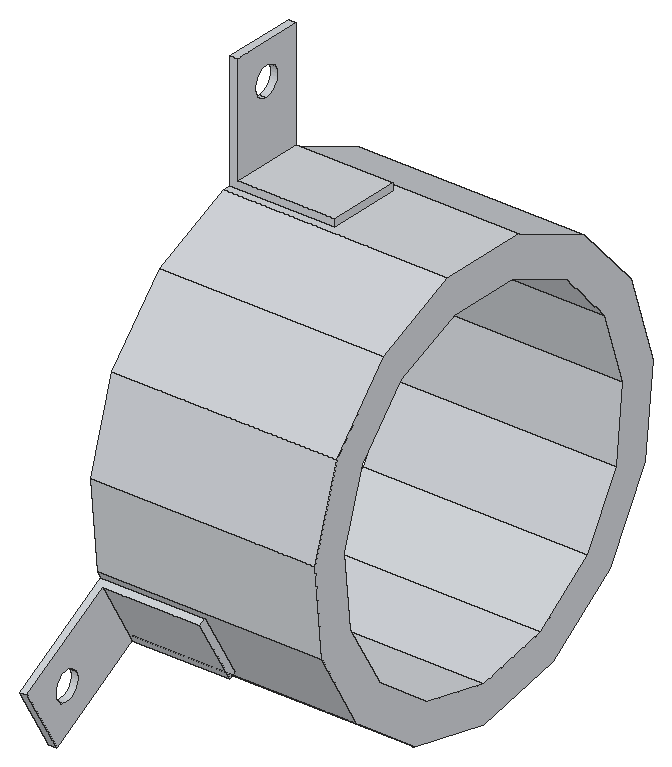
Revit family "65-80R", category Pipe Accessories, Revit 2019
Family settings
  Round Connector Dimension = Use Diameter
  Part Type = Breaks Into
  Work Plane-Based = No
  Always vertical = No
  Cut with Voids When Loaded = No
  Shared = No
Parameters
  URL = "https://www.snapcollars.com.au/"
  Model = "65-80R"
  Manufacturer = "Snap Fire Systems"
  Description = "The 65-80R is a metal, retro-fit fire collar for fire-rated plasterboard, concrete and masonry walls, and concrete floor slabs."
Reference planes
  plane 1 "Center (Front/Back)": y = 0
  plane 2: z = 0
  plane 3 "Center (Left/Right)": x = -139.129
  plane 4: x = -230
  plane 5: x = -188.636
  plane 6: x = -190
Forms (mm)
  Extrusion 1, solid, material "PVC-White", not visible, detail levels fine
    sketch origin (0, 0, 0) x (1, 0, 0) y (0, 0, 1)
      loop
        line (-80, 60.418) -> (-227.967, 86.048) -> (-227.967, 69.12) -> (-80, 60.418)
    from -1.5 to 1.5
  Extrusion 2, solid, material "PVC-White", not visible, detail levels fine
    sketch origin (0, 0, 0) x (1, 0, 0) y (0, -0.5, 0.866025)
      loop
        line (-80, 60.418) -> (-227.967, 86.048) -> (-227.967, 69.12) -> (-80, 60.418)
    from -1.5 to 1.5
  Extrusion 3, solid, material "PVC-White", not visible, detail levels fine
    sketch origin (0, 0, 0) x (1, 0, 0) y (0, -0.866025, 0.5)
      loop
        line (-80, 60.418) -> (-227.967, 86.048) -> (-227.967, 69.12) -> (-80, 60.418)
    from -1.5 to 1.5
  Extrusion 4, solid, material "PVC-White", not visible, detail levels fine
    sketch origin (0, 0, 0) x (0, -1, 0) y (-1, 0, 0)
      loop
        line (60.418, 80) -> (86.048, 227.967) -> (69.12, 227.967) -> (60.418, 80)
    from -1.5 to 1.5
  Extrusion 5, solid, material "PVC-White", not visible, detail levels fine
    sketch origin (0, 0, 0) x (1, 0, 0) y (0, -0.866025, -0.5)
      loop
        line (-80, 60.418) -> (-227.967, 86.048) -> (-227.967, 69.12) -> (-80, 60.418)
    from -1.5 to 1.5
  Extrusion 6, solid, material "PVC-White", not visible, detail levels fine
    sketch origin (0, 0, 0) x (1, 0, 0) y (0, -0.5, -0.866025)
      loop
        line (-80, 60.418) -> (-227.967, 86.048) -> (-227.967, 69.12) -> (-80, 60.418)
    from -1.5 to 1.5
  Extrusion 7, solid, material "PVC-White", not visible, detail levels fine
    sketch origin (0, 0, 0) x (1, 0, 0) y (0, 0, -1)
      loop
        line (-80, 60.418) -> (-227.967, 86.048) -> (-227.967, 69.12) -> (-80, 60.418)
    from -1.5 to 1.5
  Extrusion 8, solid, material "PVC-White", not visible, detail levels fine
    sketch origin (0, 0, 0) x (1, 0, 0) y (0, 0.5, -0.866025)
      loop
        line (-80, 60.418) -> (-227.967, 86.048) -> (-227.967, 69.12) -> (-80, 60.418)
    from -1.5 to 1.5
  Extrusion 9, solid, material "PVC-White", not visible, detail levels fine
    sketch origin (0, 0, 0) x (1, 0, 0) y (0, 0.866025, -0.5)
      loop
        line (-80, 60.418) -> (-227.967, 86.048) -> (-227.967, 69.12) -> (-80, 60.418)
    from -1.5 to 1.5
  Extrusion 10, solid, material "PVC-White", not visible, detail levels fine
    sketch origin (0, 0, 0) x (1, 0, 0) y (0, 1, 0)
      loop
        line (-80, 60.418) -> (-227.967, 86.048) -> (-227.967, 69.12) -> (-80, 60.418)
    from -1.5 to 1.5
  Extrusion 11, solid, material "PVC-White", not visible, detail levels fine
    sketch origin (0, 0, 0) x (1, 0, 0) y (0, 0.866025, 0.5)
      loop
        line (-80, 60.418) -> (-227.967, 86.048) -> (-227.967, 69.12) -> (-80, 60.418)
    from -1.5 to 1.5
  Extrusion 12, solid, material "PVC-White", not visible, detail levels fine
    sketch origin (0, 0, 0) x (1, 0, 0) y (0, 0.5, 0.866025)
      loop
        line (-80, 60.418) -> (-227.967, 86.048) -> (-227.967, 69.12) -> (-80, 60.418)
    from -1.5 to 1.5
  Extrusion 13, solid
    sketch origin (-230, 2000, 1200) x (0, 1, 0) y (0, 0, 1)
      loop
        line (-2009.99, -1153) -> (-2028.243, -1161.127) -> (-2041.613, -1175.975) -> (-2047.787, -1194.977) -> (-2045.698, -1214.848) -> (-2035.708, -1232.152) -> (-2019.544, -1243.896) -> (-2000, -1248.05) -> (-1980.456, -1243.896) -> (-1964.292, -1232.152) -> (-1954.302, -1214.848) -> (-1952.213, -1194.977) -> (-1958.387, -1175.975) -> (-1971.757, -1161.127) -> (-1990.01, -1153) -> (-2009.99, -1153)
      loop
        line (-1987.884, -1143) -> (-2012.116, -1143) -> (-2034.252, -1152.856) -> (-2050.466, -1170.863) -> (-2057.954, -1193.909) -> (-2055.421, -1218.007) -> (-2043.306, -1238.993) -> (-2023.702, -1253.235) -> (-2000, -1258.273) -> (-1976.298, -1253.235) -> (-1956.694, -1238.993) -> (-1944.579, -1218.007) -> (-1942.046, -1193.909) -> (-1949.534, -1170.863) -> (-1965.748, -1152.856) -> (-1987.884, -1143)
    from 0 to 61.5
  Extrusion 14, solid, not visible
    sketch origin (-230, 23.225, 34.758) x (0, -0.92388, 0.382683) y (1, 0, 0)
      loop
        line (16.311, 91) -> (0, 91) -> (0, 65) -> (16.311, 65) -> (16.311, 91)
    from 0 to 3
  Extrusion 15, solid, not visible
    sketch origin (-230, 24.373, 37.53) x (0, -0.92388, 0.382683) y (1, 0, 0)
      loop
        line (16.311, 91) -> (0, 91) -> (0, 88) -> (16.311, 88) -> (16.311, 91)
    from 0 to 21
  Extrusion 16, solid, not visible
    sketch origin (-230, 29.556, 29.418) x (0, -0.828512, 0.559971) y (1, 0, 0)
      loop
        line (16.311, 91) -> (0, 91) -> (0, 65) -> (16.311, 65) -> (16.311, 91)
    from 0 to 3
  Extrusion 17, solid, not visible
    sketch origin (-230, 31.236, 31.904) x (0, -0.828512, 0.559971) y (1, 0, 0)
      loop
        line (16.311, 91) -> (0, 91) -> (0, 88) -> (16.311, 88) -> (16.311, 91)
    from 0 to 21
  Extrusion 18, solid, not visible
    sketch origin (-230, -15.852, 38.571) x (0, -0.83464, -0.550797) y (1, 0, 0)
      loop
        line (16.311, 91) -> (0, 91) -> (0, 65) -> (16.311, 65) -> (16.311, 91)
    from 0 to 3
  Extrusion 19, solid, not visible
    sketch origin (-230, -17.504, 41.075) x (0, -0.83464, -0.550797) y (1, 0, 0)
      loop
        line (16.311, 91) -> (0, 91) -> (0, 88) -> (16.311, 88) -> (16.311, 91)
    from 0 to 21
  Extrusion 20, solid, not visible
    sketch origin (-230, 29.261, -29.712) x (0, 0.564361, 0.825528) y (1, 0, 0)
      loop
        line (16.311, 91) -> (0, 91) -> (0, 65) -> (16.311, 65) -> (16.311, 91)
    from 0 to 3
  Extrusion 21, solid, not visible
    sketch origin (-230, 31.738, -31.405) x (0, 0.564361, 0.825528) y (1, 0, 0)
      loop
        line (16.311, 91) -> (0, 91) -> (0, 88) -> (16.311, 88) -> (16.311, 91)
    from 0 to 21
  Extrusion 22, solid, not visible
    sketch origin (-230, -38.657, -15.64) x (0, 0.54621, -0.837649) y (1, 0, 0)
      loop
        line (16.311, 91) -> (0, 91) -> (0, 65) -> (16.311, 65) -> (16.311, 91)
    from 0 to 3
  Extrusion 23, solid, not visible
    sketch origin (-230, -41.17, -17.279) x (0, 0.54621, -0.837649) y (1, 0, 0)
      loop
        line (16.311, 91) -> (0, 91) -> (0, 88) -> (16.311, 88) -> (16.311, 91)
    from 0 to 21
  Extrusion 24, solid
    sketch origin (0, 0, 40.882) x (1, 0, 0) y (0, 0, 1)
      loop
        line (-201.343, 16.118) -> (-201.343, 18.118) -> (-228.024, 18.118) -> (-228.024, 48.118) -> (-230, 48.118) -> (-230, 16.118) -> (-201.343, 16.118)
    from -10 to 10
  Extrusion 25, void
    sketch origin (-228.024, 0, 93.882) x (0, 0, -1) y (0, 1, 0)
      loop
        circle (14.882, 0) r 4
    from -10.829 to 2.558
  Extrusion 26, solid, not visible
    sketch origin (0, 0, 40.882) x (1, 0, 0) y (0, 0, 1)
      loop
        line (-201.343, 16.118) -> (-201.343, 18.118) -> (-228.024, 18.118) -> (-228.024, 48.118) -> (-230, 48.118) -> (-230, 16.118) -> (-201.343, 16.118)
    from -10 to 10
  Extrusion 27, void, not visible
    sketch origin (-228.024, 0, 93.882) x (0, 0, -1) y (0, 1, 0)
      loop
        circle (14.882, 0) r 4
    from -10.829 to 2.558
  Extrusion 28, solid
    sketch origin (0, -35.405, -20.441) x (1, 0, 0) y (0, -0.866025, -0.5)
      loop
        line (-201.343, 16.118) -> (-201.343, 18.118) -> (-228.024, 18.118) -> (-228.024, 48.118) -> (-230, 48.118) -> (-230, 16.118) -> (-201.343, 16.118)
    from -10 to 10
  Extrusion 29, void
    sketch origin (-228.024, -81.304, -46.941) x (0, 0.866025, 0.5) y (0, -0.5, 0.866025)
      loop
        circle (14.882, 0) r 4
    from -10.829 to 2.558
  Extrusion 30, solid
    sketch origin (0, 35.405, -20.441) x (1, 0, 0) y (0, 0.866025, -0.5)
      loop
        line (-201.343, 16.118) -> (-201.343, 18.118) -> (-228.024, 18.118) -> (-228.024, 48.118) -> (-230, 48.118) -> (-230, 16.118) -> (-201.343, 16.118)
    from -10 to 10
  Extrusion 31, void
    sketch origin (-228.024, 81.304, -46.941) x (0, -0.866025, 0.5) y (0, -0.5, -0.866025)
      loop
        circle (14.882, 0) r 4
    from -10.829 to 2.558
Cuts and joins
  Extrusion 25, Extrusion 29 cuts Extrusion 24
  Extrusion 29 cuts Extrusion 28
  Extrusion 31 cuts Extrusion 30
Lines and regions (mm)
  model lines
    curve 1: circle (-230, 0, 0) r 47 normal (1, 0, 0)
    curve 2: circle (-230, 0, 0) r 79 normal (1, 0, 0)
    curve 3: circle (-230, 0, 0) r 89 normal (1, 0, 0)
Dimensions and locks
  locked: plane 4 to plane 3 "Center (Left/Right)" at 90.871
  Extrusion 1 sketch curve to Extrusion 1 sketch curve = 0 mm
  Extrusion 2 sketch curve to Extrusion 2 sketch curve = 0 mm
  Extrusion 3 sketch curve to Extrusion 3 sketch curve = 0 mm
  Extrusion 4 sketch curve to Extrusion 4 sketch curve = 0 mm
  Extrusion 5 sketch curve to Extrusion 5 sketch curve = 0 mm
  Extrusion 6 sketch curve to Extrusion 6 sketch curve = 0 mm
  Extrusion 7 sketch curve to Extrusion 7 sketch curve = 0 mm
  Extrusion 8 sketch curve to Extrusion 8 sketch curve = 0 mm
  Extrusion 9 sketch curve to Extrusion 9 sketch curve = 0 mm
  Extrusion 10 sketch curve to Extrusion 10 sketch curve = 0 mm
  Extrusion 11 sketch curve to Extrusion 11 sketch curve = 0 mm
  Extrusion 12 sketch curve to Extrusion 12 sketch curve = 0 mm
  aligned and locked: level to plane 2
Connectors
  piping at (-190, 0, 0), diameter 94
    settings: on plane 6, index 4, connector inside diameter 609.6 mm, connector length 0 mm, flow factor 0, pipe flow 0.0 L/s, pressure drop 0.0 Pa, fitting loss kfactor 0, connector angle 0.00°, fixture units 0, engagement length 0 mm, angle of deflection 0.00°, flow configuration 0, flow direction 0, fitting loss method 0, system type 7, joint type 0, gender type 0, connector reference index -1, connector utility 0, adjustable connector no, is connector primary yes, connector description ""
  piping at (-188.636, 0, 0), diameter 94
    settings: on plane 5, index 5, connector inside diameter 609.6 mm, connector length 0 mm, flow factor 0, pipe flow 0.0 L/s, pressure drop 0.0 Pa, fitting loss kfactor 0, connector angle 0.00°, fixture units 0, engagement length 0 mm, angle of deflection 0.00°, flow configuration 0, flow direction 0, fitting loss method 0, system type 7, joint type 0, gender type 0, connector reference index -1, connector utility 0, adjustable connector no, is connector primary no, connector description ""
